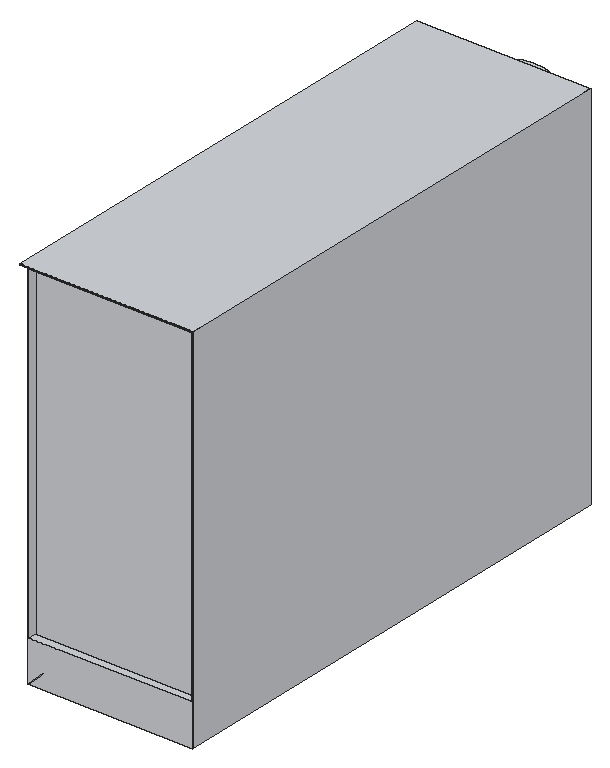
Revit family "Plenum (P-N, P-L) (Arrangement C) (Oval Inlet)", category Mechanical Equipment, Revit 2015
Parameters
  Width = 0' - 8"
  URL = "https://unitedenertech.com/catalog/pdf/I_2%20Model%20P-N,%20P-L,%20P-EX,%20P-N-SL,%20P-L-SL,%20P-EX-SL.pdf"
  Type Comments = "Consult Factory for Max. Sizes"
  P-L (Insulation Option) = yes
  Model = "P-N / P-L (Arrangement C) (Oval Inlet)"
  Manufacturer = "United Enertech Corporation"
  Major Axis = 0' - 10"
  Length = 2' - 0"
  Keynote = "Model Shown without Damper Option. Consult Factory for Models with Dampers."
  Minor Axis = 0' - 5"
  Hem Option = yes
  Height = 1' - 6"
  Description = "Plenum for Diffusers"
  Center-Center [instance] = Major Axis - Minor Axis  # 0' - 5"
Reference planes (in)
  plane 1 "Center (Front/Back)": y = 0
  plane 2: z = 0
  plane 3 "Center (Left/Right)": x = 0
  plane 4: x = 8
  plane 5: x = 0.035
  plane 6: x = 7.965
  plane 7: z = 18
  plane 8: z = 17.965
  plane 9: z = 17.93
  plane 10: z = 17
  plane 11: z = 2
  plane 12: z = 7
  plane 13: z = 12
  plane 14: y = 12
  plane 15: y = -12
  plane 16: y = -11.965
  plane 17: y = 11.965
  plane 18: x = -0.375
  plane 19: y = 11.59
  plane 20: y = 11.55484
  plane 21: y = -11.59
  plane 22: y = -11.55484
  plane 23: z = 1.96484
  plane 24: x = 0.07016
  plane 25: x = 7.92984
  plane 26: y = 11.05484
  plane 27: x = 0.57016
  plane 28: x = 7.42984
  plane 29: y = -11.05484
  plane 30: z = 17.43
  plane 31: z = 6.96484
  plane 32: z = 17.03516
  plane 33: z = 9.5
  plane 34: z = 14.5
  plane 35: x = 4
  plane 36: x = 1.5
  plane 37: x = 6.5
  plane 38: x = 1.46484
  plane 39: x = 6.53516
  plane 40: y = 13.5
Forms (in)
  Extrusion 1, solid
    sketch origin (0, 0, 0) x (1, 0, 0) y (0, 0, 1)
      loop
        line (-0.375, 18) -> (-0.375, 17.965) -> (7.965, 17.965) -> (7.965, 0) -> (8, 0) -> (8, 18) -> (-0.375, 18)
    from -11.965 to 11.965
  Extrusion 2, solid
    sketch origin (0, 0, 0) x (1, 0, 0) y (0, 0, 1)
      loop
        line (-0.375, 17.965) -> (-0.375, 17.93) -> (0, 17.93) -> (0, 0) -> (0.035, 0) -> (0.035, 17.965) -> (-0.375, 17.965)
    from -11.965 to 11.965
  Extrusion 3, solid
    sketch origin (0, 0, 0) x (0, 1, 0) y (0, 0, 1)
      loop
        line (11.965, 17.965) -> (11.55484, 17.965) -> (11.55484, 1.96484) -> (11.965, 1.96484) -> (11.965, 0) -> (12, 0) -> (12, 2) -> (11.59, 2) -> (11.59, 17.93) -> (11.965, 17.93) -> (11.965, 17.965)
    from 0.035 to 7.965
  Extrusion 4, solid
    sketch origin (0, 0, 0) x (0, 1, 0) y (0, 0, 1)
      loop
        line (-11.965, 17.965) -> (-11.965, 17.93) -> (-11.59, 17.93) -> (-11.59, 2) -> (-12, 2) -> (-12, 0) -> (-11.965, 0) -> (-11.965, 1.96484) -> (-11.55484, 1.96484) -> (-11.55484, 17.965) -> (-11.965, 17.965)
    from 0.035 to 7.965
  Extrusion 5, solid
    sketch origin (0, 0, 0) x (1, 0, 0) y (0, 0, 1)
      loop
        line (0.035, 2) -> (0.07016, 2) -> (0.07016, 17.93) -> (0.035, 17.93) -> (0.035, 2)
    from 11.59 to 11.965
  Extrusion 6, solid
    sketch origin (0, 0, 0) x (1, 0, 0) y (0, 0, 1)
      loop
        line (0.035, 2) -> (0.07016, 2) -> (0.07016, 17.93) -> (0.035, 17.93) -> (0.035, 2)
    from -11.965 to -11.59
  Extrusion 7, solid
    sketch origin (0, 0, 0) x (1, 0, 0) y (0, 0, 1)
      loop
        line (7.92984, 2) -> (7.965, 2) -> (7.965, 17.93) -> (7.92984, 17.93) -> (7.92984, 2)
    from 11.59 to 11.965
  Extrusion 8, solid
    sketch origin (0, 0, 0) x (1, 0, 0) y (0, 0, 1)
      loop
        line (7.92984, 2) -> (7.965, 2) -> (7.965, 17.93) -> (7.92984, 17.93) -> (7.92984, 2)
    from -11.965 to -11.59
  Extrusion 9, solid, material "Rigid insulation", visible <- "P-L (Insulation Option)"
    sketch origin (0, 0, 0) x (1, 0, 0) y (0, 0, 1)
      loop
        line (0.07016, 17.43) -> (7.92984, 17.43) -> (7.92984, 17.93) -> (0.07016, 17.93) -> (0.07016, 17.43)
    from -11.55484 to 11.55484
  Extrusion 10, solid, material "Rigid insulation", visible <- "P-L (Insulation Option)"
    sketch origin (0, 0, 0) x (1, 0, 0) y (0, 1, 0)
      loop
        line (0.57016, -11.05484) -> (7.42984, -11.05484) -> (7.42984, 11.05484) -> (0.57016, 11.05484) -> (0.57016, -11.05484)
      loop
        line (0.07016, -11.55484) -> (7.92984, -11.55484) -> (7.92984, 11.55484) -> (0.07016, 11.55484) -> (0.07016, -11.55484)
    from 2 to 17.43
  Extrusion 11, solid, visible <- "Hem Option"
    sketch origin (0, 0, 0) x (1, 0, 0) y (0, 0, 1)
      loop
        line (0.07016, 0) -> (0.77726, 0.70711) -> (0.7524, 0.73197) -> (0.07016, 0.04972) -> (0.07016, 0)
    from -11.965 to 11.965
  Extrusion 12, solid, visible <- "Hem Option"
    sketch origin (0, 0, 0) x (1, 0, 0) y (0, 0, 1)
      loop
        line (7.92984, 0) -> (7.92984, 0.04972) -> (7.2476, 0.73197) -> (7.22274, 0.70711) -> (7.92984, 0)
    from -11.965 to 11.965
  Extrusion 13, void
    sketch origin (0, 0, 0) x (1, 0, 0) y (0, 0, 1)
      loop
        arc (1.5, 9.5) -> (4, 7) -> (6.5, 9.5) r 2.5
        line (6.5, 9.5) -> (6.5, 14.5)
        arc (6.5, 14.5) -> (4, 17) -> (1.5, 14.5) r 2.5
        line (1.5, 14.5) -> (1.5, 9.5)
    from -13.5 to -11.05484
  Extrusion 14, solid
    sketch origin (0, 0, 0) x (1, 0, 0) y (0, 0, 1)
      loop
        line (6.5, 9.5) -> (6.5, 14.5)
        arc (6.5, 14.5) -> (4, 17) -> (1.5, 14.5) r 2.5
        line (1.5, 14.5) -> (1.5, 9.5)
        arc (1.5, 9.5) -> (4, 7) -> (6.5, 9.5) r 2.5
      loop
        arc (6.53516, 14.5) -> (4, 17.03516) -> (1.46484, 14.5) r 2.53516
        line (1.46484, 14.5) -> (1.46484, 9.5)
        arc (1.46484, 9.5) -> (4, 6.96484) -> (6.53516, 9.5) r 2.53516
        line (6.53516, 9.5) -> (6.53516, 14.5)
    from -13.5 to -11.59
Cuts and joins
  Extrusion 13 cuts Extrusion 3
  Extrusion 13 cuts Extrusion 10
Dimensions and locks (in)
  locked: plane 3 "Center (Left/Right)" to plane 5 at 0.035
  locked: plane 6 to plane 4 at 0.035
  locked: plane 7 to plane 8 at 0.035
  locked: plane 8 to plane 9 at 0.035
  locked: plane 7 to plane 10 at 1
  "Height": plane 7 to level
  locked: plane 11 to level at 2
  equal spacing: plane 10, plane 13, plane 12
  "Major Axis": plane 10 to plane 12
  "Width": plane 3 "Center (Left/Right)" to plane 4
  equal spacing: plane 14, plane 1 "Center (Front/Back)", plane 15
  "Length": plane 14 to plane 15
  locked: plane 16 to plane 15 at 0.035
  locked: plane 17 to plane 14 at 0.035
  locked: plane 3 "Center (Left/Right)" to plane 18 at 0.375
  locked: plane 17 to plane 19 at 0.375
  locked: plane 19 to plane 20 at 0.03516
  locked: plane 21 to plane 16 at 0.375
  locked: plane 22 to plane 21 at 0.03516
  locked: plane 11 to plane 23 at 0.03516
  locked: plane 24 to plane 5 at 0.03516
  locked: plane 25 to plane 6 at 0.03516
  locked: plane 20 to plane 26 at 0.5
  locked: plane 24 to plane 27 at 0.5
  locked: plane 28 to plane 25 at 0.5
  locked: plane 29 to plane 22 at 0.5
  locked: plane 9 to plane 30 at 0.5
  locked: Extrusion 11 sketch curve to Extrusion 11 sketch curve at 1
  locked: Extrusion 12 sketch curve to Extrusion 12 sketch curve at 1
  locked: plane 12 to plane 31 at 0.03516
  locked: plane 32 to plane 10 at 0.03516
  equal spacing: plane 34, plane 13, plane 33
  "Center-Center": plane 34 to plane 33
  equal spacing: plane 4, plane 35, plane 3 "Center (Left/Right)"
  equal spacing: plane 36, plane 35, plane 37
  "Minor Axis": plane 36 to plane 37
  locked: plane 38 to plane 36 at 0.03516
  locked: plane 37 to plane 39 at 0.03516
  locked: plane 40 to plane 14 at 1.5
  locked: level to Extrusion 11 sketch curve (angle 45.00°)
  locked: Extrusion 12 sketch curve to level (angle 45.00°)
  aligned and locked: level to plane 2
  aligned and locked: plane 18 to Extrusion 1 sketch curve
  aligned and locked: Extrusion 1 sketch curve to plane 7
  aligned and locked: plane 4 to Extrusion 1 sketch curve
  aligned and locked: level to Extrusion 1 sketch curve
  aligned and locked: Extrusion 1 sketch curve to plane 6
  aligned and locked: plane 8 to Extrusion 1 sketch curve
  aligned and locked: Extrusion 1 to plane 17
  aligned and locked: Extrusion 1 to plane 16
  aligned and locked: Extrusion 2 sketch curve to plane 8
  aligned and locked: plane 18 to Extrusion 2 sketch curve
  aligned and locked: plane 9 to Extrusion 2 sketch curve
  aligned and locked: Extrusion 2 sketch curve to plane 5
  aligned and locked: plane 3 "Center (Left/Right)" to Extrusion 2 sketch curve
  aligned and locked: level to Extrusion 2 sketch curve
  aligned and locked: Extrusion 2 to plane 16
  aligned and locked: Extrusion 2 to plane 17
  aligned and locked: Extrusion 3 sketch curve to plane 8
  aligned and locked: plane 17 to Extrusion 3 sketch curve
  aligned and locked: plane 9 to Extrusion 3 sketch curve
  aligned and locked: Extrusion 3 sketch curve to plane 14
  aligned and locked: level to Extrusion 3 sketch curve
  aligned and locked: Extrusion 3 sketch curve to plane 17
  aligned and locked: plane 23 to Extrusion 3 sketch curve
  aligned and locked: Extrusion 3 sketch curve to plane 11
  aligned and locked: plane 19 to Extrusion 3 sketch curve
  aligned and locked: Extrusion 3 sketch curve to plane 20
  aligned and locked: Extrusion 3 to plane 5
  aligned and locked: Extrusion 3 to plane 6
  aligned and locked: plane 8 to Extrusion 4 sketch curve
  aligned and locked: Extrusion 4 sketch curve to plane 16
  aligned and locked: Extrusion 4 sketch curve to plane 9
  aligned and locked: Extrusion 4 sketch curve to level
  aligned and locked: Extrusion 4 sketch curve to plane 15
  aligned and locked: plane 16 to Extrusion 4 sketch curve
  aligned and locked: Extrusion 4 sketch curve to plane 23
  aligned and locked: plane 11 to Extrusion 4 sketch curve
  aligned and locked: Extrusion 4 sketch curve to plane 21
  aligned and locked: Extrusion 4 sketch curve to plane 22
  aligned and locked: Extrusion 4 to plane 5
  aligned and locked: Extrusion 4 to plane 6
  aligned and locked: plane 9 to Extrusion 5 sketch curve
  aligned and locked: Extrusion 5 sketch curve to plane 5
  aligned and locked: plane 24 to Extrusion 5 sketch curve
  aligned and locked: Extrusion 5 sketch curve to plane 11
  aligned and locked: Extrusion 6 to plane 17
  aligned and locked: plane 19 to Extrusion 6
  aligned and locked: Extrusion 5 to plane 21
  aligned and locked: Extrusion 5 to plane 16
  aligned and locked: Extrusion 7 sketch curve to plane 11
  aligned and locked: Extrusion 7 sketch curve to plane 6
  aligned and locked: Extrusion 7 sketch curve to plane 25
  aligned and locked: plane 9 to Extrusion 7 sketch curve
  aligned and locked: Extrusion 8 to plane 17
  aligned and locked: plane 19 to Extrusion 8
  aligned and locked: Extrusion 7 to plane 16
  aligned and locked: Extrusion 7 to plane 21
  aligned and locked: plane 9 to Extrusion 9 sketch curve
  aligned and locked: plane 25 to Extrusion 9 sketch curve
  aligned and locked: Extrusion 9 sketch curve to plane 24
  aligned and locked: Extrusion 9 sketch curve to plane 30
  aligned and locked: Extrusion 9 to plane 22
  aligned and locked: Extrusion 9 to plane 20
  aligned and locked: Extrusion 10 sketch curve to plane 24
  aligned and locked: Extrusion 10 sketch curve to plane 20
  aligned and locked: plane 25 to Extrusion 10 sketch curve
  aligned and locked: Extrusion 10 sketch curve to plane 22
  aligned and locked: Extrusion 10 sketch curve to plane 29
  aligned and locked: Extrusion 10 sketch curve to plane 27
  aligned and locked: plane 28 to Extrusion 10 sketch curve
  aligned and locked: plane 26 to Extrusion 10 sketch curve
  aligned and locked: Extrusion 10 to plane 11
  aligned and locked: plane 30 to Extrusion 10
  aligned and locked: plane 24 to Extrusion 11 sketch curve
  aligned and locked: level to Extrusion 11 sketch curve
  aligned and locked: Extrusion 11 to plane 16
  aligned and locked: Extrusion 11 to plane 17
  aligned and locked: plane 25 to Extrusion 12 sketch curve
  aligned and locked: level to Extrusion 12 sketch curve
  aligned and locked: Extrusion 12 to plane 17
  aligned and locked: Extrusion 12 to plane 16
  aligned and locked: Extrusion 13 sketch curve to plane 36
  aligned and locked: Extrusion 13 sketch curve to plane 37
  aligned and locked: plane 34 to Extrusion 13 sketch curve  (x2)
  aligned and locked: plane 33 to Extrusion 13 sketch curve  (x2)
  aligned and locked: plane 40 to Extrusion 13
  aligned and locked: Extrusion 13 to plane 26
  aligned and locked: plane 36 to Extrusion 14 sketch curve
  aligned and locked: Extrusion 14 sketch curve to plane 38
  aligned and locked: Extrusion 14 sketch curve to plane 37
  aligned and locked: plane 39 to Extrusion 14 sketch curve
  aligned and locked: plane 34 to Extrusion 14 sketch curve  (x4)
  aligned and locked: plane 33 to Extrusion 14 sketch curve  (x4)
  aligned and locked: plane 40 to Extrusion 14
  aligned and locked: plane 19 to Extrusion 14
Automatic sketch dimensions
  Extrusion 6 sketch curve to plane 5 = 0' - 0"
  Extrusion 6 sketch curve to plane 9 = 0' - 0"
  Extrusion 6 sketch curve to plane 24 = 0' - 0"
  Extrusion 6 sketch curve to plane 11 = 0' - 0"
  Extrusion 8 sketch curve to plane 9 = 0' - 0"
  Extrusion 8 sketch curve to plane 25 = 0' - 0"
  plane 6 to Extrusion 8 sketch curve = 0' - 0"
  Extrusion 8 sketch curve to plane 11 = 0' - 0"
  Extrusion 11 sketch curve to Extrusion 11 sketch curve = 0' - 0.02486"
  Extrusion 12 sketch curve to Extrusion 12 sketch curve = 0' - 0.02486"
